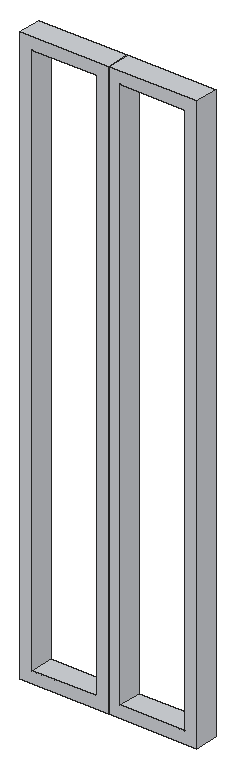
Revit family "curtain wall dvere", category Doors, Revit 2017
Family settings
  OmniClass Number = 23.30.10.00
  OmniClass Title = Doors
  Always vertical = Yes
  Cut with Voids When Loaded = No
  Shared = No
  Room Calculation Point = No
Parameters
  Šírka = 0.00 mm
  Thickness = 0.00 mm
  Function = Interior
  Analytic Construction = "<None>"
Reference planes
  plane 1 "Center (Front/Back)": y = 0
  plane 2: z = 0
  plane 3 "Center (Left/Right)": x = 82.523
  plane 4: x = -292.573
  plane 5: x = 457.619
  plane 6 "Top": z = 2460
Forms (mm)
  Extrusion 1, solid
    sketch origin (0, 0, 0) x (1, 0, 0) y (0, 0, 1)
      loop
        line (-292.573, 0) -> (82.523, 0) -> (82.523, 2460) -> (-292.573, 2460) -> (-292.573, 0)
      loop
        line (-242.573, 50) -> (32.523, 50) -> (32.523, 2410) -> (-242.573, 2410) -> (-242.573, 50)
    from -50 to 50
  Extrusion 2, solid
    sketch origin (0, 0, 0) x (1, 0, 0) y (0, 0, 1)
      loop
        line (82.523, 0) -> (457.619, 0) -> (457.619, 2460) -> (82.523, 2460) -> (82.523, 0)
      loop
        line (132.523, 50) -> (407.619, 50) -> (407.619, 2410) -> (132.523, 2410) -> (132.523, 50)
    from -50 to 50
Lines and regions (mm)
  symbolic lines
    curve 1: arc (82.523, 50, 0) -> (-27.34, 315.233, 0) -> (-292.573, 425.096, 0) r 375.096
    curve 2: line (-292.573, 425.096, 0) -> (-292.573, 50, 0)
    curve 3: arc (82.523, 50, 0) -> (192.386, 315.233, 0) -> (457.619, 425.096, 0) r 375.096
    curve 4: line (457.619, 425.096, 0) -> (457.619, 50, 0)
Text (mm)
  text "Exterior" at (-1161.5, 797.241, 0), in view "Ref. Level"
Dimensions and locks
  equal spacing: plane 4, plane 3 "Center (Left/Right)", plane 5
  aligned and locked: level to plane 2
Automatic sketch dimensions
  curve 2 to plane 4 = 0.00 mm
  curve 3 to plane 3 "Center (Left/Right)" = 0.00 mm
  curve 1 to plane 3 "Center (Left/Right)" = 0.00 mm
  curve 3 to plane 5 = 0.00 mm
  curve 1 to plane 1 "Center (Front/Back)" = 50.00 mm
  curve 3 to plane 1 "Center (Front/Back)" = 50.00 mm
  curve 2 to curve 1 = 0.00 mm
  curve 4 to curve 3 = 0.00 mm
  plane 4 to Extrusion 1 sketch curve = 0.00 mm
  Extrusion 1 sketch curve to level = 0.00 mm
  Extrusion 1 sketch curve to plane 3 "Center (Left/Right)" = 0.00 mm
  Extrusion 1 sketch curve to plane 6 "Top" = 0.00 mm
  Extrusion 1 sketch curve to plane 4 = 50.00 mm
  Extrusion 1 sketch curve to plane 3 "Center (Left/Right)" = 50.00 mm
  level to Extrusion 1 sketch curve = 50.00 mm
  plane 6 "Top" to Extrusion 1 sketch curve = 50.00 mm
  Extrusion 2 sketch curve to plane 3 "Center (Left/Right)" = 0.00 mm
  Extrusion 2 sketch curve to level = 0.00 mm
  plane 5 to Extrusion 2 sketch curve = 0.00 mm
  Extrusion 2 sketch curve to plane 6 "Top" = 0.00 mm
  plane 3 "Center (Left/Right)" to Extrusion 2 sketch curve = 50.00 mm
  plane 5 to Extrusion 2 sketch curve = 50.00 mm
  level to Extrusion 2 sketch curve = 50.00 mm
  plane 6 "Top" to Extrusion 2 sketch curve = 50.00 mm
